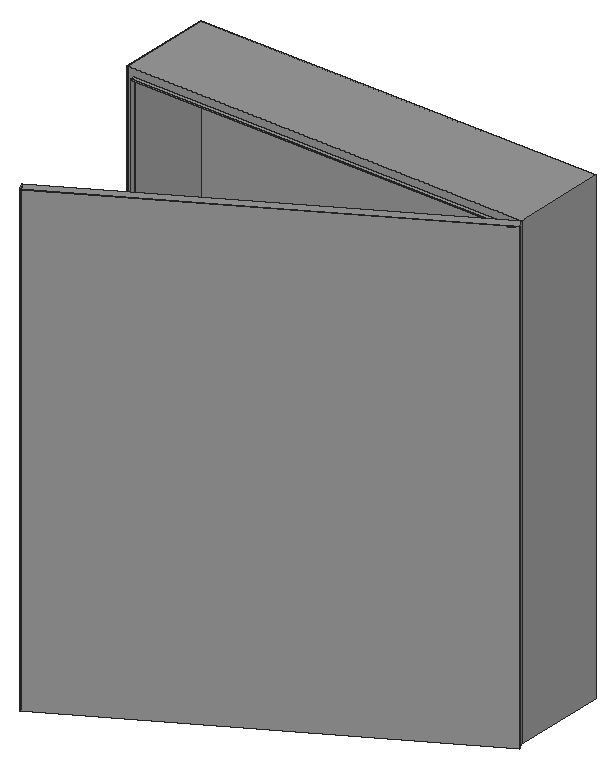
Revit family "Hager-Univers-IP54-D205-H950-Cl.II-Encl-NoHosted-CH-it", category Electrical Equipment, Revit 2020
Family settings
  Panel Configuration = Two Columns, Circuits Across
  Round Connector Dimension = Use Diameter
  Part Type = Panelboard
  Work Plane-Based = Yes
  Always vertical = Yes
  Cut with Voids When Loaded = No
  Shared = No
  Room Calculation Point = No
Parameters (values of type "A parete IP54 L800 A950 P205  - FP63QSW")
  Width Control [instance] = if([EF000008 - Larghezza] > Min Width, [EF000008 - Larghezza], Min Width)  # 800 mm
  Type Comments = [HG000003 - Gamma]  # "Univers"
  Thickness Door [instance] = if([EF009171 - spessore materiale porta/coperchio] > 3 mm, 3 mm, [EF009171 - spessore materiale porta/coperchio])  # 1 mm
  Seal Frame Offset [instance] = 17 mm  # constant formula
  Plinth Visibility [instance] = [HG000027 - Altezza dello zoccolo] > 0 mm  # no
  Min Width [instance] = 100 mm  # constant formula
  Min Depth [instance] = (2 * [EF009170 - spessore materiale scatola]) + 1 mm  # 3 mm
  Min Height [instance] = 100 mm  # constant formula
  Internal Frame Depth [instance] = (Door System Depth * 0.5)  # 9 mm
  Panel Name [instance] = ""  # (empty or 0)
  Model = ""
  HG000027 - Altezza dello zoccolo = 0 mm
  HG000026 - A pavimento = no
  HG000024 - Altezza della sezione inferiore = 600 mm
  HG000023 - Custodia a doppia sezione = no
  HG000016 - Visibilità delle porte nella vista 3D [instance] = yes
  HG000015 - Visibilità attraverso la porta [instance] = no
  HG000014 - Porta destra [instance] = yes
  HG000013 - Porta sinistra [instance] = not([HG000014 - Porta destra])  # no
  HG000012 - Angolo di apertura della porta [instance] = 30.00°
  HG000010 - Porte asimmetriche = no
  HG000009 - Porta doppia a battente = no
  HG000006 - Ad incasso = no
  HG000004 - Codice produttore = "FP63QSW"
  HG000003 - Gamma = "Univers"
  HG000002 - Con porta = yes
  Frame Offset Bottom [instance] = 10 mm  # constant formula
  Frame Offset [instance] = 15 mm  # constant formula
  EF015940 - Coprire con rilascio di sovrapressione = no
  EF011959 - tipo di protezione (NEMA) = ""
  EF009554 - numero delle aperture per la piastra della flangia = 6
  EF009212 - esecuzione coperchio = "EV000116 - chiuso"
  EF009171 - spessore materiale porta/coperchio = 1 mm
  EF009170 - spessore materiale scatola = 1 mm
  EF008873 - corrente nominale (In) = 250 A
  EF007800 - adatto per parafulmine = no
  EF006306 - con serratura = no
  EF006244 - coperchio/porta trasparente = no
  EF005474 - grado di protezione (IP) = "EV006419 - IP54"
  EF004464 - tipo di porta = "EV002646 - singolo"
  EF004427 - numero di moduli = 216
  EF004293 - resistenza agli urti = "EV006815 - IK09"
  EF003532 - adatto per uso esterno = no
  EF002950 - Numero moduli DIN = 36
  EF001613 - Integrità del circuito = "EV000494 - senza"
  EF001596 - Attacco Lampada = "EV000179 - acciaio"
  EF001131 - profondità interna = 143 mm
  EF001088 - possibilità di applicazione = yes
  EF000437 - numero di ingressi per conduttori = 6
  EF000339 - tipo di copertura = "EV001012 - coperchio"
  EF000266 - numero di file = 6
  EF000218 - profondità di incasso = 0 mm
  EF000118 - con piastra di montaggio = no
  EF000116 - numero RAL = "9010"
  EF000049 - profondità = 205 mm
  EF000040 - Altezza = 950 mm
  EF000008 - Larghezza = 800 mm
  EF000007 - colore = "EV000202 - bianco"
  EF000003 - Tipo di montaggio = "EV000384 - A parete"
  Door System Leaf Tolerance [instance] = 1.5 mm  # constant formula
  Door System Depth [instance] = 18 mm  # constant formula
  Door Height [instance] = Height Control - [HG000027 - Altezza dello zoccolo]  # 950 mm
  Description = ""
  Default Elevation = 1219.2 mm
  Connector Offset [instance] = Height Control / 2  # 475 mm
  Manufacturer = "Hager"  # constant formula
  Height Control [instance] = if([EF000040 - Altezza] > Min Height, [EF000040 - Altezza], Min Height)  # 950 mm
  Depth Control [instance] = if([EF000049 - profondità] > Min Depth, [EF000049 - profondità], Min Depth)  # 205 mm
  Bottom Top Plate Trim [instance] = 1.5 mm  # constant formula
  Plinth height Ctrl [instance] = if([HG000027 - Altezza dello zoccolo] > 0 mm, [HG000027 - Altezza dello zoccolo], 12 mm)  # 12 mm
Types (5, lengths in mm): name | Width Control | HG000010 - Porte asimmetriche | HG000009 - Porta doppia a battente | HG000004 - Codice produttore | EF009554 - numero delle aperture per la piastra della flangia | EF004464 - tipo di porta | EF004427 - numero di moduli | EF002950 - Numero moduli DIN | EF001131 - profondità interna | EF000437 - numero di ingressi per conduttori | EF000339 - tipo di copertura | EF000008 - Larghezza
  A parete IP54 L1050 A950 P205  - FP64QSW | 1050 | no | no | "FP64QSW" | 8 | "EV003602 - doppio" | 288 | 48 | 143 | 8 | "EV001012 - coperchio" | 1050
  A parete IP54 L1300 A950 P205  - FP65QSW | 1300 | yes | yes | "FP65QSW" | 10 | "EV003602 - doppio" | 360 | 60 | 130 | 10 | "EV004216 - porta" | 1300
  A parete IP54 L300 A950 P205  - FP61QSW | 300 | no | no | "FP61QSW" | 2 | "EV002646 - singolo" | 72 | 12 | 130 | 2 | "EV004216 - porta" | 300
  A parete IP54 L550 A950 P205  - FP62QSW | 550 | no | no | "FP62QSW" | 4 | "EV002646 - singolo" | 144 | 24 | 130 | 4 | "EV001012 - coperchio" | 550
  A parete IP54 L800 A950 P205  - FP63QSW | 800 | no | no | "FP63QSW" | 6 | "EV002646 - singolo" | 216 | 36 | 143 | 6 | "EV001012 - coperchio" | 800
Reference planes
  plane 1 "Center (Front/Back)": y = 0
  plane 2: z = 0
  plane 3 "Center (Left/Right)": x = 0
  plane 4: y = 0
  plane 5: y = 0
  plane 6: z = 0
  plane 7: x = -400
  plane 8: x = 400
  plane 9: x = 399
  plane 10: x = -399
  plane 11: z = 0
  plane 12: z = 1
  plane 13: y = -205
  plane 14: y = -1
  plane 15: x = 0
  plane 16: y = -187
  plane 17: y = -204
  plane 18: y = -186
  plane 19: x = -384
  plane 20: x = 384
  plane 21: z = 11
  plane 22: x = -383
  plane 23: x = 383
  plane 24: z = 0
  plane 25: z = 950
  plane 26: z = 950
  plane 27: z = 934
  plane 28: z = 949
Forms (mm)
  Extrusion 1, solid, material "Hager_Steel_RAL7035_Light_Grey", detail levels medium+fine
    sketch origin (-208.679, -4572, 0) x (-1, 0, 0) y (0, -1, 0)
      loop
        line (191.321, -4385) -> (-608.679, -4385) -> (-608.679, -4572) -> (191.321, -4572) -> (191.321, -4385)
    from 0 to 950
  Extrusion 2, void
    sketch origin (-350.771, -205, 1219.2) x (1, 0, 0) y (0, 0, 1)
      loop
        line (-48.229, -270.2) -> (-48.229, -1218.2) -> (749.771, -1218.2) -> (749.771, -270.2) -> (-48.229, -270.2)
    from -19 to -204
  Extrusion 3, void
    sketch origin (-290.084, -187, 1219.2) x (1, 0, 0) y (0, 0, 1)
      loop
        line (-93.916, -1208.2) -> (674.084, -1208.2) -> (674.084, -285.2) -> (-93.916, -285.2) -> (-93.916, -1208.2)
    from 0 to -1
  Extrusion 4, solid, material "Hager_Steel_RAL7035_Light_Grey", visible <- "Plinth Visibility", detail levels medium+fine
    sketch origin (0, 0, 0) x (1, 0, 0) y (0, 1, 0)
      loop
        line (-400, 0) -> (-400, -187) -> (400, -187) -> (400, 0) -> (-400, 0)
    from 0 to 12 <- "Plinth height Ctrl"
  Extrusion 5, solid, material "Hager_Steel_RAL7035_Light_Grey", detail levels coarse
    sketch origin (0, 0, 0) x (1, 0, 0) y (0, 1, 0)
      loop
        line (-400, 0) -> (-400, -205) -> (400, -205) -> (400, 0) -> (-400, 0)
    from 0 to 950 <- "Height Control"
  Sweep 6, void
    path in 3D
      loop
        line (-400, -187, 12) -> (400, -187, 12) -> (400, 0, 12) -> (-400, 0, 12) -> (-400, -187, 12)
    profile origin (-400, -93.5, 12) x (1, 0, 0) y (0, 0, 1)
      loop
        line (0, 0) -> (0, -1.5) -> (1.5, -1.5)
        arc (1.5, -1.5) -> (1.061, -0.439) -> (0, 0) r 1.5
  Extrusion 7, solid, material "Hager_Steel_RAL7035_Light_Grey", detail levels fine
    sketch origin (-400, -187, 0) x (1, 0, 0) y (0, 0, 1)
      loop
        line (16, 11) -> (784, 11) -> (784, 934) -> (16, 934) -> (16, 11)
      loop
        line (15, 10) -> (785, 10) -> (785, 935) -> (15, 935) -> (15, 10)
    from 0 to 9 <- "Internal Frame Depth"
Cuts and joins
  Extrusion 2, Extrusion 3 cuts Extrusion 1
  Sweep 6 cuts Extrusion 4
Lines and regions (mm)
  Masking region 1
    outline origin (0, 0, 0) x (1, 0, 0) y (0, 1, 0)
      loop
        line (-400, 0) -> (-400, -205) -> (400, -205) -> (400, 0) -> (-400, 0)
  Masking region 2, detail levels coarse
    outline origin (-290.084, -187, 1219.2) x (-1, 0, 0) y (0, 0, 1)
      loop
        line (-690.084, -1219.2) -> (109.916, -1219.2) -> (109.916, -269.2) -> (-690.084, -269.2) -> (-690.084, -1219.2)
  Masking region 3, detail levels coarse
    outline origin (0, 0, 0) x (0, 1, 0) y (0, 0, 1)
      loop
        line (0, 0) -> (0, 950) -> (-205, 950) -> (-205, 0) -> (0, 0)
  Masking region 4, visible <- "Plinth Visibility", detail levels medium+fine
    outline origin (0, 0, 0) x (0, 1, 0) y (0, 0, 1)
      loop
        line (-1.5, 12) -> (-185.5, 12)
        arc (-185.5, 12) -> (-185.939, 10.939) -> (-187, 10.5) r 1.5
        line (-187, 10.5) -> (-187, 0) -> (0, 0) -> (0, 10.5)
        arc (0, 10.5) -> (-1.061, 10.939) -> (-1.5, 12) r 1.5
  Masking region 5, detail levels medium+fine
    outline origin (0, 0, 594.038) x (0, 1, 0) y (0, 0, 1)
      loop
        line (0, -594.038) -> (0, 355.962) -> (-187, 355.962) -> (-187, -594.038) -> (0, -594.038)
  Masking region 6, detail levels medium+fine
    outline origin (-359.7, -187, 1211.883) x (-1, 0, 0) y (0, 0, 1)
      loop
        line (-759.7, -1211.883) -> (40.3, -1211.883) -> (40.3, -261.883) -> (-759.7, -261.883) -> (-759.7, -1211.883)
  Masking region 7, visible <- "Plinth Visibility", detail levels medium+fine
    outline origin (-320.334, -187, 1041.368) x (-1, 0, 0) y (0, 0, 1)
      loop
        line (-720.334, -1041.368) -> (79.666, -1041.368) -> (79.666, -1030.868)
        arc (79.666, -1030.868) -> (78.606, -1030.429) -> (78.166, -1029.368) r 1.5
        line (78.166, -1029.368) -> (-718.834, -1029.368)
        arc (-718.834, -1029.368) -> (-719.273, -1030.429) -> (-720.334, -1030.868) r 1.5
        line (-720.334, -1030.868) -> (-720.334, -1041.368)
  sketch lines
    curve 1: line (-400, 0, 12) -> (-400, -187, 12)
    curve 2: line (-400, -187, 12) -> (400, -187, 12)
    curve 3: line (400, 0, 12) -> (-400, 0, 12)
    curve 4: line (400, -187, 12) -> (400, 0, 12)
Dimensions and locks
  locked: plane 1 "Center (Front/Back)" to plane 5
  "EF009170 - spessore materiale scatola": plane 7 to plane 10
  "EF009170 - spessore materiale scatola": plane 8 to plane 9
  equal spacing: plane 7, plane 3 "Center (Left/Right)", plane 8
  "Width Control": plane 7 to plane 8
  "Depth Control": plane 4 to plane 13
  "EF009170 - spessore materiale scatola": plane 4 to plane 14
  "Height Control": plane 25 to level
  "HG000027 - Altezza dello zoccolo": plane 11 to level
  "EF009170 - spessore materiale scatola": plane 12 to plane 11
  "EF009170 - spessore materiale scatola": plane 17 to plane 13
  "EF009170 - spessore materiale scatola": plane 18 to plane 16
  "Frame Offset Bottom": plane 21 to plane 12
  "Frame Offset": plane 10 to plane 19
  "Frame Offset": plane 9 to plane 20
  "Door System Depth": plane 16 to plane 13
  "Seal Frame Offset": plane 7 to plane 22
  "Seal Frame Offset": plane 8 to plane 23
  "EF009170 - spessore materiale scatola": plane 26 to plane 28
  "Frame Offset": plane 28 to plane 27
  "Connector Offset": plane 2 to connector elem
  "Bottom Top Plate Trim": profile plane to Sweep 6 sketch curve
  "Bottom Top Plate Trim": Sweep 6 sketch curve to Sweep 6 sketch curve
  "Plinth height Ctrl": Masking region 4 sketch curve to level
  "Plinth height Ctrl": Masking region 7 sketch curve to level
  "Thickness Door": Extrusion 7 sketch curve to Extrusion 7 sketch curve  (x4)
  "Bottom Top Plate Trim": radius of Sweep 6 sketch curve
  "Bottom Top Plate Trim": radius of Masking region 4 sketch curve  (x2)
  "Bottom Top Plate Trim": radius of Masking region 7 sketch curve  (x2)
  aligned and locked: Extrusion 2 sketch curve to plane 12
  aligned and locked: Extrusion 2 sketch curve to plane 9
  aligned and locked: Extrusion 2 sketch curve to plane 10
  aligned and locked: Extrusion 2 to plane 14
  aligned and locked: Extrusion 1 sketch curve to plane 4
  aligned and locked: plane 8 to Extrusion 1 sketch curve
  aligned and locked: plane 7 to Extrusion 1 sketch curve
  aligned and locked: Extrusion 2 to plane 18
  aligned and locked: Extrusion 3 sketch curve to plane 19
  aligned and locked: plane 20 to Extrusion 3 sketch curve
  aligned and locked: Extrusion 3 to Extrusion 2
  aligned and locked: Extrusion 3 sketch curve to plane 21
  aligned and locked: plane 3 "Center (Left/Right)" to nested 1
  aligned and locked: Extrusion 1 sketch curve to plane 16
  aligned and locked: Extrusion 4 sketch curve to cut or joined group of Extrusion 1, Extrusion 2, Extrusion 3
  aligned and locked: Masking region 1 sketch curve to plane 7
  aligned and locked: Masking region 1 sketch curve to plane 5
  aligned and locked: Masking region 1 sketch curve to plane 8
  aligned and locked: Masking region 2 sketch curve to level
  aligned and locked: level to Masking region 3 sketch curve
  aligned and locked: plane 1 "Center (Front/Back)" to Masking region 3 sketch curve
  aligned and locked: plane 13 to Masking region 3 sketch curve
  aligned and locked: plane 5 to Masking region 4 sketch curve
  aligned and locked: Masking region 2 sketch curve to plane 8
  aligned and locked: Masking region 2 sketch curve to plane 7
  aligned and locked: plane 7 to nested 2
  aligned and locked: nested 2 to plane 5
  aligned and locked: plane 5 to Masking region 5 sketch curve
  aligned and locked: plane 26 to Masking region 5 sketch curve
  aligned and locked: Extrusion 5 sketch curve to plane 8
  aligned and locked: Extrusion 5 sketch curve to plane 7
  aligned and locked: Extrusion 5 sketch curve to plane 5
  aligned and locked: Extrusion 3 sketch curve to plane 27
  aligned and locked: Extrusion 2 sketch curve to plane 28
  aligned and locked: Masking region 2 to plane 25
  aligned and locked: Extrusion 4 to plane 16
  aligned and locked: profile plane to Sweep 6 sketch curve
  aligned and locked: Masking region 5 sketch curve to plane 24
  aligned and locked: level to Masking region 4 sketch curve
  aligned and locked: Masking region 1 to plane 13
  aligned and locked: nested 1 to plane 16
  aligned and locked: Masking region 3 to plane 25
  aligned and locked: plane 16 to Masking region 4 sketch curve
  aligned and locked: Masking region 5 sketch curve to plane 16
  aligned and locked: plane 24 to plane 11
  aligned and locked: plane 26 to plane 25
  aligned and locked: plane 26 to cut or joined group of Extrusion 1, Extrusion 2, Extrusion 3
  aligned and locked: nested 1 to plane 24
  aligned and locked: Extrusion 1 to Extrusion 3
  aligned and locked: Masking region 6 sketch curve to plane 8
  aligned and locked: Masking region 6 sketch curve to plane 24
  aligned and locked: Masking region 6 sketch curve to plane 7
  aligned and locked: Masking region 6 sketch curve to plane 26
  aligned and locked: Masking region 7 sketch curve to plane 7
  aligned and locked: level to Masking region 7 sketch curve
  aligned and locked: Masking region 7 sketch curve to plane 8
  aligned and locked: Extrusion 7 sketch curve to cut or joined group of Extrusion 1, Extrusion 2, Extrusion 3  (x4)
Automatic sketch dimensions
  plane 19 to Extrusion 3 sketch curve = 0 mm
  Extrusion 3 sketch curve to plane 20 = 0 mm
  Extrusion 3 sketch curve to plane 21 = 0 mm
  Extrusion 4 sketch curve to plane 7 = 0 mm
  Extrusion 4 sketch curve to plane 8 = 0 mm
  Extrusion 4 sketch curve to plane 16 = 0 mm
  Masking region 1 sketch curve to plane 13 = 0 mm
  Masking region 2 sketch curve to plane 25 = 0 mm
  Masking region 3 sketch curve to plane 25 = 0 mm
  Extrusion 5 sketch curve to plane 13 = 0 mm
  profile plane to Sweep 6 sketch curve = 0 mm
Nested families
  nested 1: "EC000058_Univers_Door" at (0, -187, 0), Double <- "HG000009 - Porta doppia a battente", Transparent <- "EF006244 - coperchio/porta trasparente", Angle <- "HG000012 - Angolo di apertura della porta", Door_Right <- "HG000014 - Porta destra", Assymetrical <- "HG000010 - Porte asimmetriche", Door <- "HG000002 - Con porta", Width_Ctrl <- "Width Control", 3d_Door <- "HG000016 - Visibilità delle porte nella vista 3D", Clearance <- "HG000015 - Visibilità attraverso la porta", Door_Left <- "HG000013 - Porta sinistra", Width <- "Width Control", Door_Depth <- "Door System Depth", Leaf_Tolerance <- "Door System Leaf Tolerance", Height <- "Door Height", Lock_Visibility <- "EF006306 - con serratura", Thickness <- "Thickness Door", type "EC000058_Univers_Door", detail levels medium+fine
    with min_wh 3 mm, Width_Ctrl 800 mm, Width 800 mm, Transparent no, Thickness 1 mm, Seal_Material Hager_Rubber, Lock_Visibility no, Lock_Material Hager_Plastic_RAL9005_Jet_Black, Leaf_Width 800 mm, Leaf_Tolerance_External_Sides 0 mm, Leaf_Tolerance 1.5 mm, Leaf_Offset 0 mm, Leaf_Height 947 mm, Leaf_2_Width 800 mm, Leaf_2_Offset 400 mm, Leaf_1_Width 800 mm, Leaf_1_Offset 400 mm, Height_Ctrl 950 mm, Height 950 mm, Glass_Material Hager_Glass, Double_Clearance_Ctrl no, Double no, Door_Right_Ctrl yes, Door_Right yes, Door_Material Hager_Steel_RAL7035_Light_Grey, Door_Left_Ctrl no, Door_Left no, Door_Depth 18 mm, Door yes, Clearance_Material Hager_Clearance, Clearance_Depth 800 mm, Clearance_Ctrl no, Clearance no, Assymetrical no, Angle 30.00°, 3d_Door yes
  nested 2: "Hager_Enclosure_Symbol" at (-400, 0, 0), Height <- "Depth Control", Width <- "Width Control", type "Hager_Enclosure_Symbol"
    with Width_Ctrl 800 mm, Width 800 mm, Height_Ctrl 205 mm, Height 205 mm, A_Width_Int 13.453 mm, A_Width 161.438 mm, A_Height_Ctrl 179.375 mm, A_Height 179.375 mm
Connectors
  electrical at (0, 0, 475)
    settings: on plane 1 "Center (Front/Back)", index 1, voltage 0 V, apparent load 0 VA, apparent load phase1 0 VA, apparent load phase2 0 VA, apparent load phase3 0 VA, power factor 1, load classification "Other", number of poles 1, system type 30, power factor state 1, is connector primary yes, connector utility no, sub classification motor no, connector description ""
Definition of nested family "EC000058_Univers_Door"
  Parameters (values of type "EC000058_Univers_Door")
    min_wh [instance] = (2 * Thickness) + 1 mm  # 11 mm
    Width_Ctrl [instance] = 400 mm
    Width [instance] = 500 mm
    Transparent [instance] = yes
    Thickness [instance] = 5 mm
    Seal_Material [instance] = none
    Lock_Visibility [instance] = yes
    Lock_Material [instance] = none
    Leaf_Width [instance] = if((Width_Ctrl - 2 * Leaf_Tolerance_External_Sides) > 0 mm, (Width_Ctrl - 2 * Leaf_Tolerance_External_Sides), min_wh)  # 400 mm
    Leaf_Tolerance_External_Sides [instance] = 0 mm  # constant formula
    Leaf_Tolerance [instance] = 1.5 mm
    Leaf_Offset [instance] = 0 mm  # constant formula
    Leaf_Height [instance] = if((Height_Ctrl - 2 * Leaf_Tolerance) > 0 mm, (Height_Ctrl - 2 * Leaf_Tolerance), min_wh)  # 497 mm
    Leaf_2_Width [instance] = if(and(and(Double, Assymetrical), Door_Left), (Leaf_Width / 3) - (Leaf_Tolerance / 2), if(and(and(Double, Assymetrical), Door_Right), (Leaf_Width / 3) * 2 - (Leaf_Tolerance / 2), if(and(Double, not(Assymetrical)), (Leaf_Width / 2) - Leaf_Tolerance, Leaf_Width)))  # 400 mm
    Leaf_2_Offset [instance] = if(and(Double, Assymetrical), Leaf_2_Width / 2, if(and(Double, not(Assymetrical)), Leaf_Width / 4, Leaf_Width / 2))  # 200 mm
    Leaf_1_Width [instance] = if(and(and(Double, Assymetrical), Door_Right), (Leaf_Width / 3) - (Leaf_Tolerance / 2), if(and(and(Double, Assymetrical), Door_Left), (Width / 3) * 2 - (Leaf_Tolerance / 2), if(and(Double, not(Assymetrical)), (Leaf_Width / 2) - Leaf_Tolerance, Leaf_Width)))  # 400 mm
    Leaf_1_Offset [instance] = if(and(Double, Assymetrical), Leaf_1_Width / 2, if(and(Double, not(Assymetrical)), Leaf_Width / 4, Leaf_Width / 2))  # 200 mm
    Height_Ctrl [instance] = if(Height > min_wh, Height, min_wh)  # 500 mm
    Height [instance] = 500 mm
    Glass_Material [instance] = none
    Double_Clearance_Ctrl [instance] = and(Double, Clearance)  # no
    Double [instance] = no
    Door_Right_Ctrl [instance] = and(or(Door_Right, Double), Door)  # yes
    Door_Right [instance] = yes
    Door_Material [instance] = none
    Door_Left_Ctrl [instance] = and(or(Door_Left, Double), Door)  # no
    Door_Left [instance] = no
    Door_Depth [instance] = 30 mm
    Door [instance] = yes
    Default Elevation = 1219.2 mm
    Clearance_Material [instance] = none
    Clearance_Depth [instance] = if(Leaf_1_Width > Leaf_2_Width, Leaf_1_Width, Leaf_2_Width)  # 400 mm
    Clearance_Ctrl [instance] = and(not(Double), Clearance)  # yes
    Clearance [instance] = yes
    Assymetrical [instance] = yes
    Angle [instance] = 30.00°
    3d_Door [instance] = yes
  Reference planes
    plane 1 "Center (Front/Back)": y = 0
    plane 2 "Bottom": z = 0
    plane 3 "Center (Left/Right)": x = 0
    plane 4: z = 500
    plane 5: x = -200
    plane 6: x = 200
    plane 7: z = 500
    plane 8: x = -200
    plane 9: z = 0
    plane 10: x = 200
    plane 11: y = 0
    plane 12: z = 1.5
    plane 13: x = -600
    plane 14: y = -400
    plane 15: x = 600
    plane 16: x = 0
    plane 17: x = 0
    plane 18: x = -200
    plane 19: x = 200
    plane 20: z = 498.5
  Forms (mm)
    Extrusion 1, solid, material <- "Clearance_Material", visible <- "Double_Clearance_Ctrl"
      sketch origin (1200, 0, 0) x (1, 0, 0) y (0, 0, -1)
        loop
          line (-1800, -498.5) -> (-600, -498.5) -> (-600, 0) -> (-1800, 0) -> (-1800, -498.5)
      from 0 to -400
  Dimensions and locks
    equal spacing: plane 5, plane 3 "Center (Left/Right)", plane 6
    "Width_Ctrl": plane 5 to plane 6
    "Leaf_Offset": plane 5 to plane 8
    "Leaf_Offset": plane 6 to plane 10
    "Leaf_Offset": plane 9 to level
    "Leaf_Offset": plane 4 to plane 7
    "Height_Ctrl": plane 4 to level
    "Leaf_Tolerance": plane 12 to plane 9
    locked: plane 11 to plane 1 "Center (Front/Back)"
    "Leaf_1_Offset": plane 18 to plane 16
    "Leaf_2_Offset": plane 17 to plane 19
    "Leaf_1_Width": plane 13 to plane 8
    "Leaf_2_Width": plane 10 to plane 15
    "Clearance_Depth": plane 14 to plane 1 "Center (Front/Back)"
    "Leaf_Tolerance_External_Sides": plane 8 to plane 18
    "Leaf_Tolerance_External_Sides": plane 19 to plane 10
    "Leaf_Tolerance": plane 7 to plane 20
    aligned and locked: level to plane 2 "Bottom"
    aligned and locked: nested 1 to plane 16
    aligned and locked: nested 2 to plane 17
    aligned and locked: Extrusion 1 to plane 13
    aligned and locked: plane 15 to Extrusion 1
    aligned and locked: Extrusion 1 to plane 14
    aligned and locked: plane 12 to nested 1
    aligned and locked: nested 2 to plane 12
    aligned and locked: Extrusion 1 to plane 11
    aligned and locked: plane 20 to Extrusion 1
    aligned and locked: nested 2 to plane 11
    aligned and locked: nested 1 to plane 11
  Automatic sketch dimensions
    Extrusion 1 sketch curve to level = 0 mm
    plane 5 to Extrusion 1 sketch curve = 400 mm
    plane 6 to Extrusion 1 sketch curve = 400 mm
    Extrusion 1 sketch curve to plane 4 = 1.5 mm
  Nested families
    nested 1: "EC000058_Univers_Door_Leaf" at (0, 0, 1.5), Width <- "Leaf_1_Width", visible <- "Door_Left_Ctrl", Leaf_Height <- "Leaf_Height", Angle <- "Angle", 3d_Door <- "3d_Door", Transparent <- "Transparent", Clearance Material <- "Clearance_Material", Clearance <- "Clearance_Ctrl", Door_Material <- "Door_Material", Glass_Material <- "Glass_Material", Door_Depth <- "Door_Depth", Lock_Material <- "Lock_Material", Seal_Material <- "Seal_Material", Lock_Visibility <- "Lock_Visibility", Thickness <- "Thickness", type "EC000058_Univers_Door_Leaf"
      with Width 400 mm, Transparent_Glass_Offset 30 mm, Transparent_Ctrl yes, Transparent yes, Thickness 5 mm, Standard no, Seal_Material none, Seal_D2 8 mm, Seal_D1 1 mm, Offset_Internal_Frame 10 mm, Lock_Width 20 mm, Lock_Visibility_3d yes, Lock_Visibility yes, Lock_Thickness_3 3 mm, Lock_Thickness_2 1 mm, Lock_Thickness_1 3 mm, Lock_Radius_Offset_2 16 mm, Lock_Radius_Offset_1 15 mm, Lock_Radius_2 5 mm, Lock_Radius 6 mm, Lock_Offset 5 mm, Lock_Material none, Lock_Height 80 mm, Lock_Cover_Top_Offset_2d 17 mm, Lock_Cover_Height -65 mm, Leaf_Height 497 mm, Internal_Seal_Thickness 8 mm, Internal_Seal_Depth_2 4.5 mm, Internal_Frame_Depth 25 mm, Glass_Thickness -1 mm, Glass_Offset -2 mm, Glass_Material none, Door_Material none, Door_Depth 30 mm, Clearance Material none, Clearance yes, Angle_Ctrl 30.00°, Angle 30.00°, 3d_Door yes
    nested 2: "EC000058_Univers_Door_Leaf" at (0, 0, 1.5) x (-1, 0, 0) z (0, 0, 1), Width <- "Leaf_2_Width", visible <- "Door_Right_Ctrl", Leaf_Height <- "Leaf_Height", Angle <- "Angle", 3d_Door <- "3d_Door", Transparent <- "Transparent", Clearance Material <- "Clearance_Material", Clearance <- "Clearance_Ctrl", Door_Material <- "Door_Material", Glass_Material <- "Glass_Material", Door_Depth <- "Door_Depth", Lock_Material <- "Lock_Material", Seal_Material <- "Seal_Material", Lock_Visibility <- "Lock_Visibility", Thickness <- "Thickness", type "EC000058_Univers_Door_Leaf"
      with Width 400 mm, Transparent_Glass_Offset 30 mm, Transparent_Ctrl yes, Transparent yes, Thickness 5 mm, Standard no, Seal_Material none, Seal_D2 8 mm, Seal_D1 1 mm, Offset_Internal_Frame 10 mm, Lock_Width 20 mm, Lock_Visibility_3d yes, Lock_Visibility yes, Lock_Thickness_3 3 mm, Lock_Thickness_2 1 mm, Lock_Thickness_1 3 mm, Lock_Radius_Offset_2 16 mm, Lock_Radius_Offset_1 15 mm, Lock_Radius_2 5 mm, Lock_Radius 6 mm, Lock_Offset 5 mm, Lock_Material none, Lock_Height 80 mm, Lock_Cover_Top_Offset_2d 17 mm, Lock_Cover_Height -65 mm, Leaf_Height 497 mm, Internal_Seal_Thickness 8 mm, Internal_Seal_Depth_2 4.5 mm, Internal_Frame_Depth 25 mm, Glass_Thickness -1 mm, Glass_Offset -2 mm, Glass_Material none, Door_Material none, Door_Depth 30 mm, Clearance Material none, Clearance yes, Angle_Ctrl 30.00°, Angle 30.00°, 3d_Door yes
  Definition of nested family "EC000058_Univers_Door_Leaf"
    Parameters (values of type "EC000058_Univers_Door_Leaf")
      Width [instance] = 2000 mm
      Transparent_Glass_Offset [instance] = 30 mm
      Transparent_Ctrl [instance] = and(Transparent, [3d_Door])  # yes
      Transparent [instance] = yes
      Thickness [instance] = 5 mm
      Standard [instance] = and(not(Transparent), [3d_Door])  # no
      Seal_Material [instance] = none
      Seal_D2 [instance] = 8 mm  # constant formula
      Seal_D1 [instance] = 1 mm  # constant formula
      Offset_Internal_Frame [instance] = 10 mm  # constant formula
      Lock_Width [instance] = 20 mm  # constant formula
      Lock_Visibility_3d [instance] = and(Lock_Visibility, [3d_Door])  # yes
      Lock_Visibility [instance] = yes
      Lock_Thickness_3 [instance] = 3 mm  # constant formula
      Lock_Thickness_2 [instance] = 1 mm  # constant formula
      Lock_Thickness_1 [instance] = 3 mm  # constant formula
      Lock_Radius_Offset_2 [instance] = Lock_Radius_Offset_1 + 1 mm  # 16 mm
      Lock_Radius_Offset_1 [instance] = 15 mm  # constant formula
      Lock_Radius_2 [instance] = Lock_Radius - 1 mm  # 5 mm
      Lock_Radius [instance] = 6 mm  # constant formula
      Lock_Offset [instance] = 5 mm  # constant formula
      Lock_Material [instance] = none
      Lock_Height [instance] = 80 mm  # constant formula
      Lock_Cover_Top_Offset_2d [instance] = Lock_Radius_Offset_2 + 1 mm  # 17 mm
      Lock_Cover_Height [instance] = -(Lock_Height - Lock_Radius_Offset_1)  # -65 mm
      Leaf_Height [instance] = 2720.336 mm
      Internal_Seal_Thickness [instance] = 8 mm  # constant formula
      Internal_Seal_Depth_2 [instance] = 4.5 mm  # constant formula
      Internal_Frame_Depth [instance] = if(Door_Depth - Thickness > 5 mm, Door_Depth - Thickness, 5 mm)  # 25 mm
      Glass_Thickness [instance] = if(Thickness > 15 mm, Glass_Offset + 10 mm, -1 mm)  # -1 mm
      Glass_Offset [instance] = if(Thickness > 15 mm, -(Thickness + 10 mm) / 2, -2 mm)  # -2 mm
      Glass_Material [instance] = none
      Door_Material [instance] = none
      Door_Depth [instance] = 30 mm
      Default Elevation = 0 mm
      Clearance Material [instance] = none
      Clearance [instance] = yes
      Angle_Ctrl [instance] = if(Angle > 180.00°, 180.00°, Angle)  # 90.00°
      Angle [instance] = 90.00°
      3d_Door [instance] = yes
    Reference planes
      plane 1 "Center (Front/Back)": y = 0
      plane 2: z = 0
      plane 3 "Center (Left/Right)": x = 0
      plane 4: y = 2000
      plane 5: x = -1000
      plane 6: x = 1000
      plane 7: x = -3000
      plane 8: z = 2720.336
      plane 9: z = 30
      plane 10: z = 2690.336
      plane 11: x = 970
      plane 12: x = -970
      plane 13: y = -3
      plane 14: z = 107.833
      plane 15: y = -5
      plane 16: y = -223.314
      plane 17: x = -1000
      plane 18: z = 1360.168
      plane 19: y = 30
    Forms (mm)
      Extrusion 1, solid, material <- "Clearance Material", visible <- "Clearance"
        sketch origin (0, 0, 0) x (1, 0, 0) y (0, 0, 1)
          loop
            line (-3000, 2720.336) -> (-3000, 0) -> (1000, 0) -> (1000, 2720.336) -> (-3000, 2720.336)
        from 0 to -2000
      Extrusion 2, solid, material <- "Door_Material", visible <- "Standard", detail levels medium+fine
        sketch origin (-1000, 0, 0) x (0, 1, 0) y (-1, 0, 0)
          loop
            line (0, 30) -> (0, 25) -> (2000, 25) -> (2000, 30) -> (0, 30)
        from 0 to 2720.336 <- "Leaf_Height"
      Extrusion 3, solid, material <- "Door_Material", visible <- "Transparent_Ctrl", detail levels medium+fine
        sketch origin (-1000, 0, 0) x (0, 1, 0) y (-1, 0, 0)
          loop
            line (0, 25) -> (2000, 25) -> (2000, 30) -> (0, 30) -> (0, 25)
        from 0 to 2720.336 <- "Leaf_Height"
      Extrusion 4, void
        sketch origin (-1025, 2000, 0) x (0, 1, 0) y (0, 0, -1)
          loop
            line (-30, -2690.336) -> (-30, -30) -> (-1970, -30) -> (-1970, -2690.336) -> (-30, -2690.336)
        from 0 to 5 <- "Thickness"
      Sweep 5, solid, material <- "Seal_Material", visible <- "Transparent_Ctrl", detail levels fine
        path in 3D
          loop
            line (-1025, 30, 30) -> (-1025, 30, 2690.336) -> (-1025, 1970, 2690.336) -> (-1025, 1970, 30) -> (-1025, 30, 30)
        profile origin (-1025, 1000, 30) x (1, 0, 0) y (0, 0, 1)
          loop
            line (0, 0) -> (0, -8) -> (1, -8) -> (1, 0) -> (0, 0)
      Extrusion 6, solid, material <- "Glass_Material", visible <- "Transparent_Ctrl", detail levels medium+fine
        sketch origin (-1030, 0, 0) x (0, 1, 0) y (0, 0, -1)
          loop
            line (1970, -2690.336) -> (1970, -30) -> (30, -30) -> (30, -2690.336) -> (1970, -2690.336)
        from -2 <- "Glass_Offset" to -1 <- "Glass_Thickness"
      Extrusion 7, solid, material <- "Door_Material", visible <- "3d_Door", detail levels medium+fine
        sketch origin (-1025, 2000, 0) x (0, -1, 0) y (0, 0, -1)
          loop
            line (0, -2720.336) -> (2000, -2720.336) -> (2000, 0) -> (0, 0) -> (0, -2720.336)
          loop
            line (1995, -5) -> (5, -5) -> (5, -2715.336) -> (1995, -2715.336) -> (1995, -5)
        from 0 to 25 <- "Internal_Frame_Depth"
      Sweep 8, solid, material <- "Seal_Material", visible <- "Transparent_Ctrl", detail levels fine
        path in 3D
          loop
            line (-1025, 0, 0) -> (-1025, 2000, 0) -> (-1025, 2000, 2720.336) -> (-1025, 0, 2720.336) -> (-1025, 0, 0)
        profile origin (-1025, 0, 1360.168) x (1, 0, 0) y (0, 1, 0)
          loop
            line (0, 10) -> (2.975, 10)
            arc (2.975, 10) -> (4.053, 10.447) -> (4.5, 11.525) r 1.525
            line (4.5, 11.525) -> (4.5, 16.527)
            arc (4.5, 16.527) -> (4.069, 17.569) -> (3.027, 18) r 1.473
            line (3.027, 18) -> (0, 18) -> (0, 10)
      Extrusion 9, solid, material <- "Lock_Material", visible <- "Lock_Visibility_3d", detail levels fine
        sketch origin (-1030, 0, 0) x (0, 1, 0) y (0, 0, -1)
          loop
            arc (1993.5, -1400.168) -> (1994.561, -1399.729) -> (1995, -1398.668) r 1.5
            line (1995, -1398.668) -> (1995, -1320.168) -> (1975, -1320.168) -> (1975, -1398.668)
            arc (1975, -1398.668) -> (1975.439, -1399.729) -> (1976.5, -1400.168) r 1.5
            line (1976.5, -1400.168) -> (1993.5, -1400.168)
        from 3 <- "Lock_Thickness_1" to 0
      Blend 10, solid, material <- "Lock_Material", visible <- "Lock_Visibility_3d", detail levels fine
        base sketch origin (-1033, 0, 0) x (0, 1, 0) y (0, 0, -1)
          loop
            line (1975, -1320.168) -> (1975, -1398.668)
            arc (1975, -1398.668) -> (1975.439, -1399.729) -> (1976.5, -1400.168) r 1.5
            line (1976.5, -1400.168) -> (1993.5, -1400.168)
            arc (1993.5, -1400.168) -> (1994.561, -1399.729) -> (1995, -1398.668) r 1.5
            line (1995, -1398.668) -> (1995, -1320.168) -> (1975, -1320.168)
        top sketch origin (-1033, 0, 0) x (0, 1, 0) y (0, 0, -1)
          loop
            line (1976, -1320.168) -> (1976, -1398.668)
            arc (1976, -1398.668) -> (1976.146, -1399.022) -> (1976.5, -1399.168) r 0.5
            line (1976.5, -1399.168) -> (1993.5, -1399.168)
            arc (1993.5, -1399.168) -> (1993.854, -1399.022) -> (1994, -1398.668) r 0.5
            line (1994, -1398.668) -> (1994, -1320.168) -> (1976, -1320.168)
        from 0 to 1 <- "Lock_Thickness_2"
      Blend 11, solid, material <- "Lock_Material", visible <- "Lock_Visibility_3d", detail levels fine
        base sketch origin (-1034, 0, 0) x (0, 1, 0) y (0, 0, -1)
          loop
            line (1978, -1320.168) -> (1978, -1384.168)
            arc (1978, -1384.168) -> (1985, -1391.168) -> (1992, -1384.168) r 7
            line (1992, -1384.168) -> (1992, -1320.168) -> (1978, -1320.168)
        top sketch origin (-1034, 0, 0) x (0, 1, 0) y (0, 0, -1)
          loop
            line (1991, -1320.168) -> (1979, -1320.168) -> (1979, -1383.168)
            arc (1979, -1383.168) -> (1985, -1389.168) -> (1991, -1383.168) r 6
            line (1991, -1383.168) -> (1991, -1320.168)
        from 0 to 3 <- "Lock_Thickness_3"
      Extrusion 12, solid, material <- "Lock_Material", visible <- "Lock_Visibility_3d", detail levels fine
        sketch origin (-1030, 1975, 1320.168) x (1, 0, 0) y (0, -1, 0)
          loop
            line (-7, -19) -> (-7, -1) -> (0, -1) -> (0, 0) -> (-8, 0) -> (-8, -20) -> (0, -20) -> (0, -19) -> (-7, -19)
        from 0 to -65 <- "Lock_Cover_Height"
      Extrusion 13, void
        sketch origin (-1038, 1995, 1320.168) x (-1, 0, 0) y (0, 0, -1)
          loop
            line (-5, -65) -> (0, -65) -> (-5, -60) -> (-5, -65)
        from 0 to 20 <- "Lock_Width"
      Extrusion 14, void
        sketch origin (-1038, 1975, 1320.168) x (0, -1, 0) y (0, 0, -1)
          loop
            circle (-10, -15.995) r 6
          loop
            circle (-10, -15.995) r 5
        from 0 to 2
      Extrusion 15, solid, material <- "Lock_Material", visible <- "Lock_Visibility_3d", detail levels medium
        sketch origin (-1030, 0, 0) x (0, 1, 0) y (0, 0, -1)
          loop
            arc (1993.5, -1400.168) -> (1994.561, -1399.729) -> (1995, -1398.668) r 1.5
            line (1995, -1398.668) -> (1995, -1320.168) -> (1975, -1320.168) -> (1975, -1398.668)
            arc (1975, -1398.668) -> (1975.439, -1399.729) -> (1976.5, -1400.168) r 1.5
            line (1976.5, -1400.168) -> (1993.5, -1400.168)
        from 8 to 0
    Cuts and joins
      Extrusion 4 cuts Extrusion 3
      Extrusion 13, Extrusion 14 cuts Extrusion 9
      Extrusion 14 cuts Blend 11
      Extrusion 13, Extrusion 14 cuts Extrusion 12
      joined: Extrusion 9, Blend 10, Blend 11, Extrusion 12
      Extrusion 14 cuts Extrusion 15
    Lines and regions (mm)
      Masking region 1, visible <- "Lock_Visibility", detail levels fine
        outline origin (0, 0, 0) x (0, 1, 0) y (0, 0, 1)
          loop
            line (30, 1320.168) -> (33, 1320.168) -> (33, 1400.168) -> (30, 1400.168) -> (30, 1320.168)
      Masking region 2, visible <- "Lock_Visibility", detail levels fine
        outline origin (0, 3.143, 0) x (0, 1, 0) y (0, 0, 1)
          loop
            line (29.857, 1354.168) -> (30.857, 1354.168) -> (30.857, 1366.168) -> (29.857, 1366.168) -> (29.857, 1354.168)
      Masking region 3, detail levels medium+fine
        outline origin (0, 0, 0) x (0, 1, 0) y (0, 0, 1)
          loop
            line (0, 0) -> (30, 0) -> (30, 2720.336) -> (0, 2720.336) -> (0, 0)
      Masking region 4, detail levels medium+fine
        outline origin (0, 0, 0) x (1, 0, 0) y (0, 0, 1)
          loop
            line (-1000, 2720.336) -> (-1000, 0) -> (1000, 0) -> (1000, 2720.336) -> (-1000, 2720.336)
      Masking region 5, visible <- "Lock_Visibility", detail levels fine
        outline origin (-47.116, 0, 0) x (1, 0, 0) y (0, 0, 1)
          loop
            arc (1024.616, 1399.168) -> (1023.556, 1398.729) -> (1023.116, 1397.668) r 1.5
            line (1023.116, 1397.668) -> (1023.116, 1320.168) -> (1041.116, 1320.168) -> (1041.116, 1397.668)
            arc (1041.116, 1397.668) -> (1040.677, 1398.729) -> (1039.616, 1399.168) r 1.5
            line (1039.616, 1399.168) -> (1024.616, 1399.168)
      Masking region 6, visible <- "Lock_Visibility", detail levels medium+fine
        outline origin (-25, 0, 0) x (1, 0, 0) y (0, 0, 1)
          loop
            arc (1001.5, 1400.168) -> (1000.439, 1399.729) -> (1000, 1398.668) r 1.5
            line (1000, 1398.668) -> (1000, 1320.168) -> (1020, 1320.168) -> (1020, 1398.668)
            arc (1020, 1398.668) -> (1019.561, 1399.729) -> (1018.5, 1400.168) r 1.5
            line (1018.5, 1400.168) -> (1001.5, 1400.168)
      Masking region 7, visible <- "Lock_Visibility", detail levels fine
        outline origin (-73.735, 0, 0) x (1, 0, 0) y (0, 0, 1)
          loop
            line (1051.735, 1382.168) -> (1065.735, 1382.168) -> (1065.735, 1384.168)
            arc (1065.735, 1384.168) -> (1058.735, 1391.168) -> (1051.735, 1384.168) r 7
            line (1051.735, 1384.168) -> (1051.735, 1382.168)
      Masking region 8, visible <- "Lock_Visibility", detail levels fine
        outline origin (-73.735, 0, 0) x (1, 0, 0) y (0, 0, 1)
          loop
            line (1052.735, 1382.168) -> (1064.735, 1382.168) -> (1064.735, 1383.168)
            arc (1064.735, 1383.168) -> (1058.735, 1389.168) -> (1052.735, 1383.168) r 6
            line (1052.735, 1383.168) -> (1052.735, 1382.168)
      Masking region 9, visible <- "Lock_Visibility", detail levels fine
        outline origin (-25, 0, 0) x (1, 0, 0) y (0, 0, 1)
          loop
            line (1020, 1320.168) -> (1020, 1382.168) -> (1000, 1382.168) -> (1000, 1320.168) -> (1020, 1320.168)
      Masking region 10, detail levels medium+fine
        outline origin (0, 0, 0) x (1, 0, 0) y (0, 0, 1)
          loop
            circle (985, 1335.144) r 6
      Masking region 11, detail levels fine
        outline origin (0, 0, 0) x (1, 0, 0) y (0, 0, 1)
          loop
            circle (985, 1335.144) r 5
      Masking region 12, visible <- "Lock_Visibility", detail levels fine
        outline origin (0, 12.767, 0) x (0, 1, 0) y (0, 0, 1)
          loop
            line (20.233, 1320.168) -> (21.233, 1320.168) -> (21.233, 1399.168) -> (20.233, 1400.168) -> (20.233, 1320.168)
      Masking region 13, visible <- "Lock_Visibility", detail levels fine
        outline origin (0, 13.767, -10) x (0, 1, 0) y (0, 0, 1)
          loop
            line (20.233, 1330.168) -> (23.233, 1330.168) -> (23.233, 1399.168) -> (20.233, 1402.168) -> (20.233, 1330.168)
      Masking region 14, visible <- "Lock_Visibility", detail levels fine
        outline origin (0, 12.767, -10) x (0, 1, 0) y (0, 0, 1)
          loop
            line (20.233, 1330.168) -> (25.233, 1330.168) -> (25.233, 1399.305) -> (20.233, 1394.305) -> (20.233, 1330.168)
      Masking region 15, visible <- "Lock_Visibility", detail levels medium
        outline origin (0, 0, 0) x (0, 1, 0) y (0, 0, 1)
          loop
            line (30, 1320.168) -> (38, 1320.168) -> (38, 1400.168) -> (30, 1400.168) -> (30, 1320.168)
      Masking region 16, visible <- "Lock_Visibility", detail levels fine
        outline origin (-1000, 0, 0) x (0, 1, 0) y (-1, 0, 0)
          loop
            line (1975, 30) -> (1995, 30) -> (1995, 38) -> (1975, 38) -> (1975, 30)
          loop
            line (1979, 37) -> (1976, 37) -> (1976, 34) -> (1978, 34) -> (1979, 37)
          loop
            line (1994, 37) -> (1991, 37) -> (1992, 34) -> (1994, 34) -> (1994, 37)
      Masking region 17, visible <- "Lock_Visibility", detail levels medium
        outline origin (-1000, 0, 0) x (0, 1, 0) y (-1, 0, 0)
          loop
            line (1975, 30) -> (1995, 30) -> (1995, 38) -> (1975, 38) -> (1975, 30)
      symbolic lines
        curve 1: line (1000, 0, 0) -> (-3000, 0, 0)
        curve 2: arc (1000, 0, 0) -> (-1000, 2000, 0) -> (-3000, 0, 0) r 2000
        curve 4: line (-1030, 0, 0) -> (-1030, 2000, 0)
      reference lines
        curve 3: line (-1000, 0, 0) -> (-1000, 2000, 0)
      symbolic lines, detail levels medium+fine
        curve 5: line (-1030, 2000, 0) -> (-1025, 2000, 0)
        curve 7: line (-1025, 0, 0) -> (-1030, 0, 0)
        curve 8: line (-1025, 0, 0) -> (-1000, 0, 0)
        curve 9: line (-1000, 0, 0) -> (-1000, 2000, 0)
        curve 10: line (-1000, 2000, 0) -> (-1025, 2000, 0)
      symbolic lines, detail levels fine
        curve 6: line (-1025, 2000, 0) -> (-1025, 0, 0)
      sketch lines
        curve 11: line (-1025, 0, 2720.336) -> (-1025, 0, 0)
        curve 12: line (-1025, 2000, 0) -> (-1025, 0, 0)
        curve 13: line (-1025, 2000, 2720.336) -> (-1025, 2000, 0)
        curve 14: line (-1025, 0, 2720.336) -> (-1025, 2000, 2720.336)
        curve 15: line (-1025, 1970, 30) -> (-1025, 30, 30)
        curve 16: line (-1025, 30, 30) -> (-1025, 30, 2690.336)
        curve 17: line (-1025, 1970, 2690.336) -> (-1025, 1970, 30)
        curve 18: line (-1025, 30, 2690.336) -> (-1025, 1970, 2690.336)
      symbolic lines, visible <- "Transparent", detail levels medium+fine
        curve 19: line (-970, 0, 2690.336) -> (970, 0, 2690.336)
        curve 20: line (-970, 0, 30) -> (-970, 0, 2690.336)
        curve 21: line (970, 0, 30) -> (-970, 0, 30)
        curve 22: line (970, 0, 2690.336) -> (970, 0, 30)
    Dimensions and locks
      "Width": plane 1 "Center (Front/Back)" to plane 4
      equal spacing: plane 5, plane 3 "Center (Left/Right)", plane 6
      "Width": plane 5 to plane 6
      "Width": plane 7 to plane 5
      "Leaf_Height": plane 8 to level
      "Width": curve 5 to curve 3
      "Width": curve 3 to curve 3
      plane 8 to plane 10 = 30 mm
      plane 9 to level = 30 mm
      plane 12 to plane 5 = 30 mm
      plane 6 to plane 11 = 30 mm
      Extrusion 1 to Extrusion 4 sketch curve = 30 mm
      "Transparent_Glass_Offset": curve 3 to Extrusion 4 sketch curve
      "Transparent_Glass_Offset": Extrusion 4 sketch curve to cut or joined group of Extrusion 3, Extrusion 4  (x2)
      cut or joined group of Extrusion 3, Extrusion 4 to Extrusion 6 sketch curve = 30 mm
      "Transparent_Glass_Offset": cut or joined group of Extrusion 3, Extrusion 4 to Extrusion 4 sketch curve
      "Thickness": curve 6 to curve 4
      "Thickness": Extrusion 7 sketch curve to Extrusion 7 sketch curve  (x4)
      "Door_Depth": curve 4 to curve 3
      "Offset_Internal_Frame": profile plane to Sweep 8 sketch curve
      "Internal_Seal_Thickness": Sweep 8 sketch curve to Sweep 8 sketch curve
      "Internal_Seal_Depth_2": profile plane to Sweep 8 sketch curve
      "Seal_D1": profile plane to Sweep 5 sketch curve
      "Seal_D2": profile plane to Sweep 5 sketch curve
      "Thickness": Extrusion 2 sketch curve to Extrusion 2 sketch curve
      equal spacing: Extrusion 9 sketch curve, plane 18, Extrusion 9 sketch curve  (x2)
      equal spacing: Masking region 1 sketch curve, plane 18, Masking region 1 sketch curve
      "Lock_Height": Masking region 1 sketch curve to Masking region 1 sketch curve
      "Lock_Radius": Masking region 2 sketch curve to plane 18 to Masking region 2 sketch curve
      Masking region 2 sketch curve to Masking region 1 = 1 mm
      "Door_Depth": plane 19 to plane 1 "Center (Front/Back)"
      "Lock_Thickness_1": Masking region 1 sketch curve to plane 19
      "Lock_Width": Extrusion 9 sketch curve to Extrusion 9 sketch curve
      "Lock_Height": Extrusion 9 sketch curve to Extrusion 9 sketch curve
      "Lock_Offset": cut or joined group of Extrusion 3, Extrusion 4 to Extrusion 9 sketch curve
      equal spacing: plane 8, plane 18, level
      "Lock_Radius_Offset_1": Blend 11 sketch curve to Blend 10
      locked: Blend 10 to Blend 11 sketch curve at 2  (x2)
      locked: var sketch to Blend 11 sketch curve at 1  (x2)
      "Lock_Radius_Offset_2": Blend 11 sketch curve to Blend 10
      locked: Extrusion 12 sketch curve to Extrusion 12 sketch curve at 1  (x3)
      Masking region 6 sketch curve to Masking region 6 sketch curve = 80 mm
      "Lock_Height": Masking region 6 sketch curve to Masking region 6 sketch curve
      "Lock_Width": Masking region 6 sketch curve to Masking region 6 sketch curve
      locked: Masking region 6 to Masking region 5 sketch curve at 1  (x3)
      locked: Masking region 5 to Masking region 7 sketch curve at 2  (x2)
      "Lock_Radius_Offset_1": Masking region 5 to Masking region 7 sketch curve
      "Lock_Radius_Offset_2": Masking region 5 to Masking region 8 sketch curve
      locked: Masking region 7 to Masking region 8 sketch curve at 1  (x2)
      "Lock_Cover_Top_Offset_2d": Masking region 5 to Masking region 9 sketch curve
      equal spacing: Masking region 9, Masking region 10 sketch curve, Masking region 9
      equal spacing: Masking region 9, Masking region 11 sketch curve, Masking region 9
      Extrusion 15 sketch curve to Extrusion 15 sketch curve = 80 mm
      "Lock_Width": Extrusion 15 sketch curve to Extrusion 15 sketch curve
      "Lock_Height": Extrusion 15 sketch curve to Extrusion 15 sketch curve
      equal spacing: Extrusion 15 sketch curve, plane 18, Extrusion 15 sketch curve
      "Lock_Thickness_3": Masking region 13 sketch curve to Masking region 13 sketch curve
      "Lock_Height": Masking region 12 sketch curve to Masking region 12 sketch curve
      locked: Masking region 13 sketch curve to Masking region 1 at 8
      locked: Masking region 14 sketch curve to Masking region 13 at 1
      locked: Masking region 14 sketch curve to Masking region 1 at 10.863
      "Lock_Height": Masking region 15 sketch curve to Masking region 15 sketch curve
      "Lock_Offset": Extrusion 15 sketch curve to cut or joined group of Extrusion 3, Extrusion 4
      "Lock_Offset": plane 6 to Masking region 6 sketch curve
      radius of Sweep 8 sketch curve = 1.525 mm
      radius of Sweep 8 sketch curve = 1.473 mm
      radius of Extrusion 9 sketch curve = 1.5 mm  (x2)
      "Lock_Radius": radius of Extrusion 14 sketch curve
      "Lock_Radius_2": radius of Extrusion 14 sketch curve
      "Lock_Radius": radius of Masking region 10 sketch curve
      "Lock_Radius_2": radius of Masking region 11 sketch curve
      radius of Extrusion 15 sketch curve = 1.5 mm  (x2)
      "Angle_Ctrl": angle plane 1 "Center (Front/Back)" to curve 3
      locked: Masking region 12 sketch curve to Masking region 12 sketch curve (angle 45.00°)
      locked: Masking region 13 sketch curve to Masking region 13 sketch curve (angle 45.00°)
      locked: Masking region 14 sketch curve to Masking region 14 sketch curve (angle 45.00°)
      aligned and locked: level to plane 2
      aligned and locked: Extrusion 1 to curve 1
      aligned and locked: plane 6 to Extrusion 1
      aligned and locked: Extrusion 1 to plane 1 "Center (Front/Back)"
      aligned and locked: plane 4 to Extrusion 1
      aligned and locked: plane 8 to Extrusion 1
      aligned and locked: curve 7 to Extrusion 2 sketch curve
      aligned and locked: curve 5 to Extrusion 2 sketch curve
      aligned and locked: curve 7 to Extrusion 3 sketch curve
      aligned and locked: Extrusion 3 sketch curve to curve 4
      aligned and locked: Extrusion 3 sketch curve to curve 6
      aligned and locked: Extrusion 3 sketch curve to curve 5
      aligned and locked: curve 9 to curve 3
      aligned and locked: Extrusion 7 sketch curve to cut or joined group of Extrusion 3, Extrusion 4  (x4)
      aligned and locked: plane 17 to curve 3
      aligned and locked: plane 1 "Center (Front/Back)" to curve 3
      aligned and locked: plane 17 to plane 5
      aligned and locked: Sweep 8 sketch curve to profile plane
      aligned and locked: Sweep 5 sketch curve to profile plane  (x2)
      aligned and locked: Masking region 1 to Masking region 2 sketch curve
      aligned and locked: plane 19 to Masking region 1 sketch curve
      aligned and locked: plane 1 "Center (Front/Back)" to Masking region 3 sketch curve
      aligned and locked: plane 19 to Masking region 3 sketch curve
      aligned and locked: level to Masking region 3 sketch curve
      aligned and locked: Masking region 3 sketch curve to plane 8
      aligned and locked: plane 17 to Masking region 4 sketch curve
      aligned and locked: level to Masking region 4 sketch curve
      aligned and locked: Masking region 4 sketch curve to plane 8
      aligned and locked: plane 12 to curve 20
      aligned and locked: plane 10 to curve 19
      aligned and locked: plane 11 to curve 22
      aligned and locked: curve 21 to plane 9
      aligned and locked: Extrusion 2 sketch curve to cut or joined group of Extrusion 3, Extrusion 4
      aligned and locked: Blend 10 sketch curve to Extrusion 9  (x4)
      aligned and locked: Extrusion 9 to Blend 10 sketch curve
      aligned and locked: Blend 10 to Blend 11 sketch curve
      aligned and locked: Extrusion 12 sketch curve to Blend 11
      aligned and locked: Extrusion 12 sketch curve to Extrusion 9  (x4)
      aligned and locked: Masking region 5 sketch curve to Masking region 6
      aligned and locked: Masking region 9 sketch curve to Masking region 6  (x3)
      aligned and locked: Masking region 12 sketch curve to Masking region 1
      aligned and locked: Masking region 13 sketch curve to Masking region 1
      aligned and locked: Masking region 12 to Masking region 14
      aligned and locked: Masking region 14 sketch curve to Masking region 1
      aligned and locked: Masking region 15 sketch curve to Masking region 14
      aligned and locked: Masking region 13 sketch curve to Masking region 12
      aligned and locked: Masking region 16 sketch curve to cut or joined group of Extrusion 14, Extrusion 15  (x4)
      aligned and locked: Masking region 16 sketch curve to cut or joined group of Extrusion 9, Blend 10, Blend 11, Extrusion 12, Extrusion 13, Extrusion 14  (x6)
      aligned and locked: cut or joined group of Extrusion 9, Blend 10, Blend 11, Extrusion 12, Extrusion 13, Extrusion 14 to Masking region 16 sketch curve
      aligned and locked: Masking region 17 sketch curve to cut or joined group of Extrusion 14, Extrusion 15  (x3)
      aligned and locked: Masking region 17 sketch curve to cut or joined group of Extrusion 9, Blend 10, Blend 11, Extrusion 12, Extrusion 13, Extrusion 14
      aligned and locked: Masking region 9 to Masking region 8 sketch curve
      aligned and locked: Masking region 9 to Masking region 7 sketch curve
    Automatic sketch dimensions
      plane 1 "Center (Front/Back)" to curve 2 = 0 mm
      curve 2 to plane 5 = 0 mm
      Extrusion 1 sketch curve to level = 0 mm
      Extrusion 1 sketch curve to plane 7 = 0 mm
      Extrusion 1 sketch curve to plane 6 = 0 mm
      Extrusion 1 sketch curve to plane 8 = 0 mm
      Extrusion 3 to Extrusion 6 sketch curve = 30 mm  (x4)
      Masking region 4 sketch curve to plane 6 = 0 mm
      Blend 10 sketch curve to Extrusion 9 = 1.5 mm
      Blend 10 sketch curve to Extrusion 9 = 1 mm
      Extrusion 13 sketch curve to Extrusion 12 = 0 mm  (x2)
      Extrusion 12 to Extrusion 13 sketch curve = 3 mm
      Extrusion 13 sketch curve to Extrusion 12 = 5 mm
      Extrusion 14 sketch curve to Extrusion 14 sketch curve = 0 mm  (x2)
      Extrusion 14 sketch curve to Extrusion 12 = 10 mm
      Extrusion 14 sketch curve to Extrusion 12 = 15.995 mm
      Masking region 5 sketch curve to Masking region 5 sketch curve = 1.5 mm  (x2)
      Masking region 10 sketch curve to plane 18 = 25.024 mm
      Masking region 11 sketch curve to plane 18 = 25.024 mm
      plane 19 to Masking region 14 sketch curve = 3 mm
      Masking region 16 sketch curve to Masking region 16 sketch curve = 3 mm
      curve 4 to curve 3 = 0 mm
      Blend 10 to Blend 11 sketch curve = 0 mm
      Masking region 6 sketch curve to Masking region 6 sketch curve = 1.5 mm  (x2)
      Masking region 6 sketch curve to plane 18 = 40 mm
      plane 19 to Masking region 12 sketch curve = 3 mm
      Masking region 12 sketch curve to Masking region 12 sketch curve = 1 mm
      Masking region 15 sketch curve to plane 19 = 0 mm
      Masking region 15 sketch curve to plane 18 = 40 mm
      radius of Blend 10 sketch curve to Extrusion 9 = 1 mm
Definition of nested family "Hager_Enclosure_Symbol"
  Parameters (values of type "Hager_Enclosure_Symbol")
    Width_Ctrl [instance] = if(Width > 1 mm, Width, 1 mm)  # 102.27 mm
    Width [instance] = 102.27 mm
    Height_Ctrl [instance] = if(Height > 1 mm, Height, 1 mm)  # 66.5 mm
    A_Width_Int [instance] = if(A_Width / 12 > 2 mm, A_Width / 12, 2 mm)  # 4.364 mm
    A_Width [instance] = if(A_Height_Ctrl * 0.9 > 2 mm, A_Height_Ctrl * 0.9, 2 mm)  # 52.369 mm
    A_Height_Ctrl [instance] = if(A_Height > 2 mm, A_Height, 2 mm)  # 58.188 mm
    Height [instance] = 66.5 mm
    A_Height [instance] = Height - (Height / 8)  # 58.188 mm
  Reference planes
    plane 1 "Centre (avant/arrière)": y = 0
    plane 2: z = 0
    plane 3 "Centre (gauche/droite)": x = 0
    plane 4: x = 52.369
    plane 5: y = 33.042
    plane 6: y = 41.77
    plane 7: y = 66.5
    plane 8: x = 26.184
    plane 9: y = 37.406
    plane 10: x = 102.27
    plane 11: y = 66.5
    plane 12: y = 8.313
  Lines and regions (mm)
    Filled region 1, type "Solid_Black", in view "Niveau de réf."
      outline origin (0, 0, 0) x (1, 0, 0) y (0, 1, 0)
        loop
          line (52.369, 66.5) -> (33.188, 54.536) -> (45.365, 45.006) -> (52.369, 66.5)
    Filled region 2, type "Solid_Black", in view "Niveau de réf."
      outline origin (0, 0, 0) x (1, 0, 0) y (0, 1, 0)
        loop
          line (0, 0) -> (102.27, 0) -> (102.27, 66.5) -> (0, 0)
    detail lines, in view "Niveau de réf."
      curve 1: line (0, 8.313, 0) -> (26.184, 41.77, 0)
      curve 2: line (26.184, 41.77, 0) -> (26.184, 33.042, 0)
      curve 3: line (26.184, 33.042, 0) -> (52.369, 66.5, 0)
  Dimensions and locks
    "A_Width": plane 3 "Centre (gauche/droite)" to plane 4
    equal spacing: plane 3 "Centre (gauche/droite)", plane 8, plane 4
    equal spacing: plane 6, plane 9, plane 5
    equal spacing: curve 3, Filled region 1 sketch curve, Filled region 1 sketch curve
    "Height_Ctrl": plane 1 "Centre (avant/arrière)" to plane 11
    "A_Height_Ctrl": plane 11 to plane 12
    equal spacing: plane 11, plane 9, plane 12
    "A_Width_Int": plane 6 to plane 9
    "Width_Ctrl": plane 3 "Centre (gauche/droite)" to plane 10
    angle Filled region 1 sketch curve to curve 3 = 20.00°
    angle curve 3 to Filled region 1 sketch curve = 20.00°
    locked: curve 3 to Filled region 1 sketch curve (angle 90.00°)
    aligned and locked: plane 10 to Filled region 2
    aligned and locked: plane 11 to Filled region 2 sketch curve
    aligned and locked: plane 10 to Filled region 2 sketch curve
    aligned and locked: plane 3 "Centre (gauche/droite)" to curve 1
    aligned and locked: plane 12 to curve 1
    aligned and locked: plane 7 to plane 11
  Automatic sketch dimensions
    Filled region 1 sketch curve to plane 4 = 0 mm
    Filled region 1 sketch curve to plane 7 = 0 mm
    plane 1 "Centre (avant/arrière)" to Filled region 2 sketch curve = 0 mm
    Filled region 2 sketch curve to plane 3 "Centre (gauche/droite)" = 0 mm
    curve 2 to plane 6 = 0 mm
    curve 2 to plane 8 = 0 mm
    curve 3 to plane 4 = 0 mm
    curve 2 to plane 5 = 0 mm
    curve 3 to plane 7 = 0 mm
